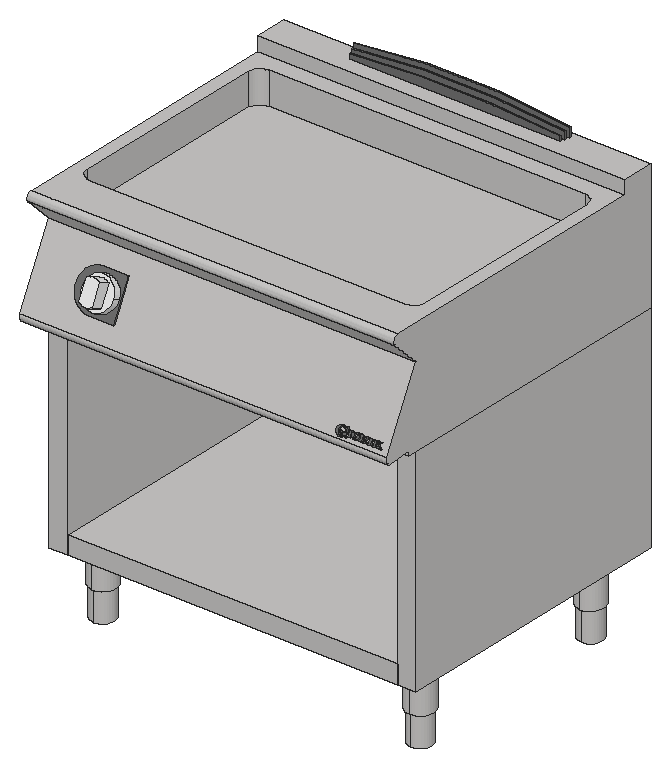
Revit family "QF_GIORIK_CM740G", category Specialty Equipment, Revit 2014
Parameters (values of type "CM740G")
  Weight in Pounds = 286.6006
  Watts = 10200 W
  Volts = 400 V
  URL Cutsheet = "www.giorik.com"
  URL = "www.giorik.com"
  Status [instance] = ""
  Specification by User [instance] = ""
  Specification by Manufacturer = ""
  Show Logo [instance] = yes
  Show Clearance [instance] = yes
  Serial Number = ""
  Seismic Rating = ""
  SMACNA No = ""
  Revision Code [instance] = ""
  Phase = 3
  Number of Poles [instance] = 3
  NAFEM Spec ID Number = ""
  Model = "CM740G"
  Min Ckt Ampacity = 0 A
  Max Overcurrent Protection = 0 A
  Masterspec = ""
  Manufacturer = "GIORIK"
  Item Number [instance] = ""
  Installed By [instance] = ""
  Identify Quantity as Lot [instance] = no
  HP = "13.678404000000"
  Furnished By [instance] = ""
  Foodservice Equipment Identifier [instance] = yes
  FL Amps = 0 A
  Electrical Remarks [instance] = ""
  Electric Connection Type [instance] = ""
  Elec Conn RI Height [instance] = 0 mm
  Elec Conn Connection Height [instance] = 150 mm
  Description = "MULTIPURPOSE BRATT PAN ON OPEN BASE UNIT"
  Cycle = 50 Hz
  Conn Plug = ""
  CSI MasterFormat = ""
  Assembly Code = "E1090320"
  Apparent Power = 10200 VA
Reference planes
  plane 1 "Back": y = 0
  plane 2: z = 0
  plane 3 "Left": x = 0
  plane 4 "Right": x = 800
  plane 5 "Front": y = -720
  plane 6 "Top": z = 900
Forms (mm)
  Extrusion 1, solid, visible <- "Show Logo"
    sketch origin (591.604, -736.761, 609.486) x (-1, 0, 0) y (0, 0.452718, 0.891654)
      loop
        line (-118.824, 58.358) -> (-127.804, 58.358) -> (-125.523, 56.445) -> (-125.523, 48.027) -> (-127.804, 46.113) -> (-118.824, 46.113) -> (-121.105, 48.027) -> (-121.105, 56.445) -> (-118.824, 58.358)
      loop
        line (-163.721, 58.358) -> (-172.7, 58.358) -> (-170.42, 56.445) -> (-170.42, 48.027) -> (-172.7, 46.113) -> (-163.721, 46.113) -> (-166.001, 48.027) -> (-166.001, 56.445) -> (-163.721, 58.358)
      loop
        line (-174.332, 58.358) -> (-183.312, 58.358) -> (-181.031, 56.445) -> (-181.031, 52.435) -> (-186.419, 56.955) -> (-184.416, 58.358) -> (-191.268, 58.358) -> (-188.01, 56.839) -> (-185.455, 54.283) -> (-190.846, 47.858) -> (-193.396, 46.93) -> (-193.396, 46.113) -> (-184.416, 46.113) -> (-185.437, 47.571) -> (-182.443, 51.552) -> (-181.031, 50.894) -> (-181.031, 48.027) -> (-183.312, 46.113) -> (-174.332, 46.113) -> (-176.613, 48.027) -> (-176.613, 56.445) -> (-174.332, 58.358)
      loop
        line (-115.429, 62.063) -> (-115.429, 54.198)
        arc (-115.429, 54.198) -> (-111.618, 57.803) -> (-106.847, 59.986) r 16.039
        arc (-106.847, 59.986) -> (-103.314, 59.837) -> (-100.512, 57.68) r 5.851
        arc (-100.512, 57.68) -> (-98.815, 52.267) -> (-100.512, 46.853) r 9.479
        arc (-100.512, 46.853) -> (-102.406, 44.986) -> (-104.846, 43.93) r 7.236
        arc (-104.846, 43.93) -> (-107.728, 44.111) -> (-110.052, 45.825) r 5.11
        line (-110.052, 45.825) -> (-110.052, 52.001) -> (-116.141, 52.001) -> (-116.141, 45.503) -> (-117.893, 43.751) -> (-114.094, 44.769)
        arc (-114.094, 44.769) -> (-112.56, 44.947) -> (-111.129, 44.366) r 3.115
        arc (-111.129, 44.366) -> (-104.216, 42.091) -> (-97.303, 44.366) r 11.641
        arc (-97.303, 44.366) -> (-93.396, 52.107) -> (-97.303, 59.849) r 9.622
        arc (-97.303, 59.849) -> (-104.369, 62.174) -> (-111.435, 59.849) r 11.898
        line (-111.435, 59.849) -> (-115.429, 62.063)
      loop
        arc (-129.234, 56.068) -> (-135.893, 58.628) -> (-142.552, 56.068) r 9.941
        arc (-142.552, 56.068) -> (-144.234, 52.286) -> (-142.552, 48.505) r 5.093
        arc (-142.552, 48.505) -> (-135.893, 45.945) -> (-129.234, 48.505) r 9.941
        arc (-129.234, 48.505) -> (-127.552, 52.286) -> (-129.234, 56.068) r 5.093
      loop
        arc (-132.628, 54.403) -> (-135.893, 57.668) -> (-139.158, 54.403) r 3.265
        line (-139.158, 54.403) -> (-139.158, 50.169)
        arc (-139.158, 50.169) -> (-135.893, 46.904) -> (-132.628, 50.169) r 3.265
        line (-132.628, 50.169) -> (-132.628, 54.403)
      loop
        arc (-156.363, 58.365) -> (-159.647, 55.081) -> (-156.363, 51.796) r 3.285
        line (-156.363, 51.796) -> (-159.529, 47.306) -> (-162.087, 46.113) -> (-155.847, 46.113) -> (-153.529, 51.083) -> (-150.637, 51.083) -> (-150.637, 47.784) -> (-153.022, 46.113) -> (-144.011, 46.113) -> (-146.094, 47.68) -> (-146.094, 56.493) -> (-144.229, 58.365) -> (-156.363, 58.365)
      loop
        line (-150.637, 57.512) -> (-153.637, 57.512)
        arc (-153.637, 57.512) -> (-156.237, 54.912) -> (-153.637, 52.312) r 2.6
        line (-153.637, 52.312) -> (-150.637, 52.312) -> (-150.637, 57.512)
      loop
        line (-108.924, 52.001) -> (-104.936, 49.005) -> (-100.948, 52.001) -> (-108.924, 52.001)
    from 1.5 to -0.5
  Extrusion 2, solid
    sketch origin (-16, 1025.81, 0) x (1, 0, 0) y (0, 1, 0)
      loop
        line (25, -1086.81) -> (25, -1156.81) -> (115, -1156.81) -> (115, -1086.81) -> (25, -1086.81)
    from 148 to 150
  Extrusion 3, solid
    sketch origin (-4, 0, 130) x (1, 0, 0) y (0, 1, 0)
      loop
        circle (54, -385) r 12.5
    from 0 to 20
  Extrusion 4, solid
    sketch origin (0, 1000, -20) x (0, 1, 0) y (0, 0, 1)
      loop
        line (-1000, 919.988) -> (-1070, 919.988) -> (-1070, 889.988) -> (-1688.806, 889.988)
        arc (-1688.806, 889.988) -> (-1699.151, 883.075) -> (-1696.724, 870.873) r 11.197
        line (-1696.724, 870.873) -> (-1640.876, 815.025) -> (-1718.948, 661.258)
        arc (-1718.948, 661.258) -> (-1718.233, 650.105) -> (-1708.118, 645.354) r 10.981
        line (-1708.118, 645.354) -> (-1660, 649.925) -> (-1660, 640) -> (-1000, 640) -> (-1000, 919.988)
    from 0 to 800
  Extrusion 5, solid
    sketch origin (0, 0, 599.536) x (1, 0, 0) y (0, 1, 0)
      loop
        line (0, -640) -> (40, -640) -> (40, -40) -> (760, -40) -> (760, -640) -> (800, -640) -> (800, 0) -> (0, 0) -> (0, -640)
    from -449.536 to 20.464
  Extrusion 6, solid
    sketch origin (0, 0, 0) x (1, 0, 0) y (0, 1, 0)
      loop
        line (40, -40) -> (40, -640) -> (760, -640) -> (760, -40) -> (40, -40)
    from 150 to 190
  Extrusion 7, solid
    sketch origin (-16, 560.81, 0) x (1, 0, 0) y (0, 1, 0)
      loop
        line (25, -1086.81) -> (25, -1156.81) -> (115, -1156.81) -> (115, -1086.81) -> (25, -1086.81)
    from 148 to 150
  Revolve 8, solid
    sketch origin (54, 560.81, 0) x (0, 1, 0) y (0, 0, 1)
      loop
        line (-1092.56, 66) -> (-1092.56, 148) -> (-1121.81, 148) -> (-1121.81, 0) -> (-1096.81, 0) -> (-1096.81, 66) -> (-1092.56, 66)
      axis (-1121.81, 0) -> (-1121.81, 148)
    angle from 0 to 360
  Revolve 9, solid
    sketch origin (54, 1025.81, 0) x (0, 1, 0) y (0, 0, 1)
      loop
        line (-1092.56, 66) -> (-1092.56, 148) -> (-1121.81, 148) -> (-1121.81, 0) -> (-1096.81, 0) -> (-1096.81, 66) -> (-1092.56, 66)
      axis (-1121.81, 0) -> (-1121.81, 148)
    angle from 0 to 360
  Extrusion 10, solid
    sketch origin (816, 560.81, 0) x (-1, 0, 0) y (0, -1, 0)
      loop
        line (25, 1086.81) -> (115, 1086.81) -> (115, 1156.81) -> (25, 1156.81) -> (25, 1086.81)
    from 148 to 150
  Revolve 11, solid
    sketch origin (746, 560.81, 0) x (0, 1, 0) y (0, 0, -1)
      loop
        line (-1092.56, -66) -> (-1096.81, -66) -> (-1096.81, 0) -> (-1121.81, 0) -> (-1121.81, -148) -> (-1092.56, -148) -> (-1092.56, -66)
      axis (-1121.81, 0) -> (-1121.81, -148)
    angle from 0 to 360
  Extrusion 12, solid
    sketch origin (816, -1217.81, 0) x (-1, 0, 0) y (0, -1, 0)
      loop
        line (25, -1086.81) -> (25, -1156.81) -> (115, -1156.81) -> (115, -1086.81) -> (25, -1086.81)
    from 148 to 150
  Revolve 13, solid
    sketch origin (746, -1217.81, 0) x (0, -1, 0) y (0, 0, 1)
      loop
        line (-1092.56, 66) -> (-1092.56, 148) -> (-1121.81, 148) -> (-1121.81, 0) -> (-1096.81, 0) -> (-1096.81, 66) -> (-1092.56, 66)
      axis (-1121.81, 0) -> (-1121.81, 148)
    angle from 0 to 360
  Extrusion 14, solid
    sketch origin (-273.221, -963.345, 52.363) x (1, 0, 0) y (0, 0.452718, 0.891654)
      loop
        line (463.221, 676.25) -> (463.221, 766.25) -> (409.698, 766.25)
        arc (409.698, 766.25) -> (364.698, 721.25) -> (409.698, 676.25) r 45
        line (409.698, 676.25) -> (463.221, 676.25)
    from 48 to 50
  Extrusion 15, solid
    sketch origin (501.331, -1008.697, 74.959) x (-1, 0, 0) y (0, -0.45351, -0.891251)
      loop
        circle (351.331, -721.346) r 35
    from 0 to 15
  Extrusion 16, solid
    sketch origin (501.331, -1008.697, 74.959) x (-1, 0, 0) y (0, -0.45351, -0.891251)
      loop
        arc (336.331, -743.846) -> (351.331, -748.846) -> (366.331, -743.846) r 25
        line (366.331, -743.846) -> (366.331, -698.846)
        arc (366.331, -698.846) -> (351.331, -693.846) -> (336.331, -698.846) r 25
        line (336.331, -698.846) -> (336.331, -743.846)
    from 15 to 40
  Extrusion 17, void
    sketch origin (0, 0, 819.988) x (0, 1, 0) y (-1, 0, 0)
      loop
        arc (-110, -55) -> (-117.322, -37.322) -> (-135, -30) r 25
        line (-135, -30) -> (-575, -30)
        arc (-575, -30) -> (-592.678, -37.322) -> (-600, -55) r 25
        line (-600, -55) -> (-600, -745)
        arc (-600, -745) -> (-592.678, -762.678) -> (-575, -770) r 25
        line (-575, -770) -> (-135, -770)
        arc (-135, -770) -> (-117.322, -762.678) -> (-110, -745) r 25
        line (-110, -745) -> (-110, -55)
    from -20 to 50
  Extrusion 18, solid
    sketch origin (36.031, 0, -10.001) x (1, 0, 0) y (0, 0, 1)
      loop
        line (135, 909.989) -> (592.969, 909.989) -> (592.969, 919.989) -> (440.969, 929.989) -> (287, 929.989) -> (135, 919.989) -> (135, 909.989)
    from 32 to 35
  Extrusion 19, solid
    sketch origin (38, 10, -10.001) x (1, 0, 0) y (0, 0, 1)
      loop
        line (594, 909.989) -> (594, 924.989) -> (440, 937.489) -> (284, 937.489) -> (130, 925.001) -> (130, 909.989) -> (594, 909.989)
    from 32 to 35
  Extrusion 20, solid
    sketch origin (40, 20, -10.001) x (1, 0, 0) y (0, 0, 1)
      loop
        line (595, 909.989) -> (595, 930.001) -> (439, 945.258) -> (281, 945.258) -> (125, 929.989) -> (125, 909.989) -> (595, 909.989)
    from 32 to 35
Cuts and joins
  Extrusion 17 cuts Extrusion 4
Lines and regions (mm)
  symbolic lines, style "200-EquipBorder-2D"
    curve 1: line (0, -720, 0) -> (800, -720, 0)
    curve 2: line (800, -720, 0) -> (800, 0, 0)
    curve 3: line (800, 0, 0) -> (0, 0, 0)
    curve 4: line (0, 0, 0) -> (0, -720, 0)
  symbolic lines, style "200-EquipInternal-2D"
    curve 5: line (0, -70, 900) -> (800, -70, 900)
    curve 6: line (171.031, -35, 900) -> (629, -35, 900)
    curve 7: line (168, -25, 900) -> (632, -25, 900)
    curve 8: line (165, -15, 900) -> (635, -15, 900)
    curve 9: line (629, -32, 900) -> (171.031, -32, 900)
    curve 10: line (632, -22, 900) -> (168, -22, 900)
    curve 11: line (635, -12, 900) -> (165, -12, 900)
    curve 12: line (165, -12, 900) -> (165, -15, 900)
    curve 13: line (168, -22, 900) -> (168, -25, 900)
    curve 14: line (171.031, -32, 900) -> (171.031, -35, 900)
    curve 15: line (635, -15, 900) -> (635, -12, 900)
    curve 16: line (632, -25, 900) -> (632, -22, 900)
    curve 17: line (629, -35, 900) -> (629, -32, 900)
    curve 18: line (745, -110, 900) -> (55, -110, 900)
    curve 19: arc (770, -135, 900) -> (762.678, -117.322, 900) -> (745, -110, 900) r 25
    curve 20: line (770, -575, 900) -> (770, -135, 900)
    curve 21: arc (55, -110, 900) -> (37.322, -117.322, 900) -> (30, -135, 900) r 25
    curve 22: line (30, -135, 900) -> (30, -575, 900)
    curve 23: arc (30, -575, 900) -> (37.322, -592.678, 900) -> (55, -600, 900) r 25
    curve 24: line (55, -600, 900) -> (745, -600, 900)
    curve 25: arc (745, -600, 900) -> (762.678, -592.678, 900) -> (770, -575, 900) r 25
Dimensions and locks
  plane 3 "Left" to plane 4 "Right" = 800 mm
  plane 5 "Front" to plane 1 "Back" = 720 mm
  plane 4 "Right" to plane 3 "Left" = 800 mm
  plane 1 "Back" to plane 5 "Front" = 720 mm
  plane 6 "Top" to level = 900 mm  (x2)
  aligned and locked: level to plane 2
Connectors
  electrical at (50, -385, 130), driven by "Apparent Power", driven by "Volts", driven by "Number of Poles"
    settings: on Extrusion 3, index 1, voltage 400 V, apparent load 0 VA, apparent load phase1 10200 VA, apparent load phase2 0 VA, apparent load phase3 0 VA, power factor 1, load classification "Other", number of poles 3, system type 31, power factor state 1, is connector primary yes, connector utility no, sub classification motor no, connector description "Electrical connection"
